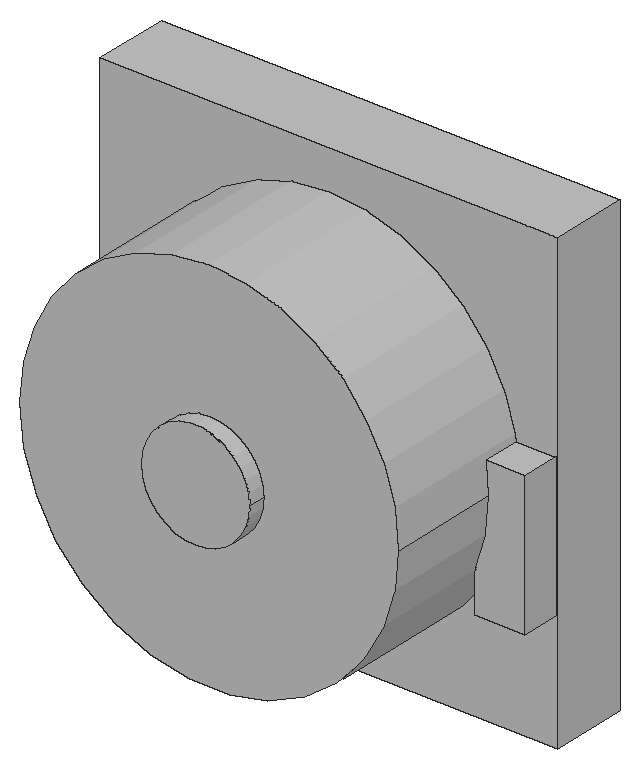
Revit family "ef-30_40b(t)sxc2_d(t)sxc2-fq_60Hz", category 機械設備, Revit 2019
Family settings
  丸型コネクタ寸法 = 直径を使用
  パーツ タイプ = 標準
  OmniClass 番号 = 23.75.35.21.17
  OmniClass タイトル = Industrial Ventilating Equipment
  作業面ベース = いいえ
  常に垂直 = はい
  ロード時にボイドで切り取り = はい
  共有 = いいえ
  部屋計算ポイント = はい
Parameters (values of type "EF-30BSXC2-FQ")
  騒音レベル(dB(A)) [instance] = 48
  風量 [instance] = 設計風量  # 0.0 m³/h
  電源種別 [instance] = ""
  電圧 = 100 V
  電動機出力 = 50 W
  電動機_種別 [instance] = ""
  運転質量 = 0.00 kg
  連動 [instance] = ""
  質量 = if(製品質量 > 運転質量, 製品質量, 運転質量) * 1.2  # 8.40 kg
  負荷分類 = 3_ファン類
  説明 = "産業用有圧換気扇 低騒音形ステンレスタイプ オールステンレス高耐食タイプ 給気専用"
  設計風量 [instance] = 0.0 m³/h
  設置方法 = "壁付"
  記号 [instance] = ""
  製造元 = "三菱電機株式会社"
  製品質量 = 7.00 kg
  製品出荷対象 = "国内"
  製品リリース年月 = "2022年6月1日"
  製品グループ = ""
  羽根径 = "∅300"
  レグ_Depth = 207.9 mm
  系統 [instance] = ""
  符号 [instance] = if(☑給気／□排気, "FS", "FE")  # "FS"
  積算_科目 = ""
  積算_拾い区分 [instance] = ""
  相 = 1
  盤記号 [instance] = ""
  盤工事区分 = ""
  発停方法 [instance] = ""
  特殊仕様 [instance] = ""
  火災停止 [instance] = ""
  消費電力 = 73 W
  法定耐用年数 = "15"
  極数 = 2
  極 = 4
  材質 [instance] = ""
  操作・制御方式 = ""
  操作・制御スイッチ = ""
  排気量 [instance] = if(☑給気／□排気, 0.0 m³/h, 設計風量)  # 0.0 m³/h
  形式 = ""
  幹線記号 [instance] = ""
  対象室 [instance] = ""
  実風量 [instance] = 0.0 m³/h
  始動方式 [instance] = "直入"
  外気量 [instance] = if(☑給気／□排気, 設計風量, 0.0 m³/h)  # 0.0 m³/h
  呼称 = "有圧扇"
  周波数 = 60 Hz
  参照している仕様書等のバージョン = ""
  分類コード = "50052503100110"
  分類グループ = ""
  価格 = 283000
  企業コード = "108420"
  付属品_防振装置 = ""
  付属品 [instance] = ""
  仕様書バージョン = "Version1.0"
  レグ_Width = 413 mm
  レグ_Height = 413 mm
  モーター径 = 99 mm
  モデル = "EF-30BSXC2-FQ"
  ボックス_Width = 46.1 mm
  ボックス_Height = 130.6 mm
  ボックス_Depth = 105.8 mm
  フレームの厚さ = 71 mm
  ファンの種類 = "軸流羽根"
  コメント [instance] = ""
  Keynote = ""
  オリフィス_Depth = 45 mm
  ☑給気／□排気 [instance] = yes
  Width = 420 mm
  Version = ""
  Uniclass2015Version = "Systems v1.9"
  Uniclass2015Title = "Propeller fans"
  Uniclass2015Code = "Pr_65_67_29_67"
  URL = "https://www.mitsubishielectric.co.jp/ldg/wink/ssl/displayProduct.do?pid=319156"
  SpecificationReference = ""
  SpecificationDescription = ""
  Revision = ""
  ProductInformation = ""
  OmniClassCode = "23-33 31 19 11 17"
  MIN風量 = 0.0 m³/h
  MID風量 = 0.0 m³/h
  MAX風量 = 1980.0 m³/h
  IfcTypeProduct = ""
  IfcProduct = ""
  IfcExportType = "TUBEAXIAL"
  IfcExportAs = "IfcFanType"
  Height = 420 mm
  オリフィス径 = 348 mm
  Depth = 224 mm
  Box_W = 162 mm
  Box_H = 108.2 mm
  Author = "三菱電機株式会社"
Types (6, lengths in mm): name | 騒音レベル(dB(A)) | 電圧 | 電動機出力 | 質量 | 製品質量 | 羽根径 | レグ_Depth | 相 | 消費電力 | 極数 | 価格 | モーター径 | モデル | ボックス_Width | ボックス_Height | ボックス_Depth | Width | URL | MAX風量 | Height | オリフィス径 | Depth | Box_W | Box_H
  EF-30BSXC2-FQ | 48 | 100 V | 50 W | 8.40 kg | 7.00 kg | "∅300" | 207.9 | 1 | 73 W | 2 | 283000 | 99 | "EF-30BSXC2-FQ" | 46.1 | 130.6 | 105.8 | 420 | "https://www.mitsubishielectric.co.jp/ldg/wink/ssl/displayProduct.do?pid=319156" | 1980.0 m³/h | 420 | 348 | 224 | 162 | 108.2
  EF-40DSXC2-FQ | 55.5 | 100 V | 200 W | 18.00 kg | 15.00 kg | "∅400" | 249.9 | 1 | 195 W | 2 | 348000 | 113 | "EF-40DSXC2-FQ" | 46.7 | 131.4 | 118.8 | 520 | "https://www.mitsubishielectric.co.jp/ldg/wink/ssl/displayProduct.do?pid=318477" | 4360.0 m³/h | 520 | 476 | 286 | 213.3 | 184.8
  EF-30BTXC2-FQ_200V | 48.5 | 200 V | 50 W | 9.00 kg | 7.50 kg | "∅300" | 207.9 | 3 | 65 W | 3 | 283000 | 99 | "EF-30BTXC2-FQ" | 46.1 | 130.6 | 105.8 | 420 | "https://www.mitsubishielectric.co.jp/ldg/wink/ssl/displayProduct.do?pid=319162" | 1980.0 m³/h | 420 | 348 | 224 | 162 | 108.2
  EF-40DTXC2-FQ_200V | 57.5 | 200 V | 200 W | 18.00 kg | 15.00 kg | "∅400" | 249.9 | 3 | 177 W | 3 | 348000 | 113 | "EF-40DTXC2-FQ" | 46.7 | 131.4 | 118.8 | 520 | "https://www.mitsubishielectric.co.jp/ldg/wink/ssl/displayProduct.do?pid=318483" | 4360.0 m³/h | 520 | 476 | 286 | 213.3 | 184.8
  EF-30BTXC2-FQ_220V | 49 | 220 V | 50 W | 9.00 kg | 7.50 kg | "∅300" | 207.9 | 3 | 71 W | 3 | 283000 | 99 | "EF-30BTXC2-FQ" | 46.1 | 130.6 | 105.8 | 420 | "https://www.mitsubishielectric.co.jp/ldg/wink/ssl/displayProduct.do?pid=319162" | 1980.0 m³/h | 420 | 348 | 224 | 162 | 108.2
  EF-40DTXC2-FQ_220V | 58 | 220 V | 200 W | 18.00 kg | 15.00 kg | "∅400" | 249.9 | 3 | 188 W | 3 | 348000 | 113 | "EF-40DTXC2-FQ" | 46.7 | 131.4 | 118.8 | 520 | "https://www.mitsubishielectric.co.jp/ldg/wink/ssl/displayProduct.do?pid=318483" | 4360.0 m³/h | 520 | 476 | 286 | 213.3 | 184.8
Reference planes
  plane 1 "中心(正面/背面)": y = 0
  plane 2: z = 0
  plane 3 "中心(左/右)": x = 0
  plane 4: z = 0
  plane 5: through (212.832, -1524, 243.759) normal (-0.6508, 0, -0.7593)
  plane 6: through (-212.884, -1524, -243.751) normal (0.6508, 0, 0.7593)
  plane 7: through (208.307, -1524, -247.63) normal (-0.6508, 0, 0.7593)
  plane 8: z = 210
  plane 9: z = -210
  plane 10 "左": x = -210
  plane 11 "右": x = 210
  plane 12 "正面": y = -224
  plane 13: y = -71
  plane 14: through (-208.307, -1524, -247.63) normal (-0.6508, 0, -0.7593)
  plane 15: y = 26
  plane 16: y = 126
  plane 17: x = -250
  plane 18: x = 250
  plane 19: y = -105.8
  plane 20: y = -207.9
  plane 21: x = 162
  plane 22: x = 208.1
  plane 23: z = 28.8
  plane 24: z = -101.8
Forms (mm)
  Extrusion 1, solid, detail levels fine
    sketch origin (0, 0, 0) x (1, 0, 0) y (0, 1, 0)
      loop
        line (-210, 0) -> (-210, -71) -> (210, -71) -> (210, 0) -> (-210, 0)
    from -210 to 210
  Extrusion 2, solid, detail levels fine
    sketch origin (140, -23.659, 0) x (-1, 0, 0) y (0, 0, -1)
      loop
        circle (140, 0) r 49.5
    from 184.241 to 200.341
  Extrusion 3, solid
    sketch origin (0, -153.783, 0) x (1, 0, 0) y (0, 0, 1)
      loop
        circle (0, 0) r 174
    from -82.783 to 54.117
  Extrusion 4, solid
    sketch origin (0, -224, 0) x (0, 0, -1) y (1, 0, 0)
      loop
        line (-28.8, 162) -> (101.8, 162) -> (101.8, 208.1) -> (-28.8, 208.1) -> (-28.8, 162)
    from -153 to -118.2
Cuts and joins
  joined: Extrusion 3, Extrusion 4
Lines and regions (mm)
  Masking region 1, detail levels coarse+medium
    outline origin (0, 0, 0) x (1, 0, 0) y (0, 1, 0)
      loop
        line (-250, -224) -> (250, -224) -> (250, 26) -> (-250, 26) -> (-250, -224)
  Masking region 2, detail levels coarse+medium
    outline origin (0, 0, 0) x (1, 0, 0) y (0, 1, 0)
      loop
        line (-174, 26) -> (174, 26) -> (174, 126) -> (-174, 126) -> (-174, 26)
  symbolic lines, detail levels coarse+medium
    curve 1: circle (174, -223.9, 0) r 115 normal (0, 0, 1)
    curve 2: circle (-174, -223.9, 0) r 115 normal (0, 0, -1)
Dimensions and locks
  level to plane 4 = 0 mm
  equal spacing: plane 8, level, plane 9
  "Depth": plane 12 "正面" to plane 1 "中心(正面/背面)"  (x2)
  "Width": plane 10 "左" to plane 11 "右"
  "Height": plane 8 to plane 9
  "フレームの厚さ": plane 13 to plane 1 "中心(正面/背面)"
  plane 12 "正面" to plane 15 to plane 16 = 250 mm locked, 100 mm locked
  locked: plane 17 to plane 18 at 500
  "レグ_Depth": plane 1 "中心(正面/背面)" to plane 20
  equal spacing: plane 10 "左", plane 3 "中心(左/右)", plane 11 "右"
  "ボックス_Width": plane 22 to plane 21
  "ボックス_Height": plane 23 to plane 24
  "Box_H": plane 24 to plane 9
  "Box_W": plane 21 to plane 3 "中心(左/右)"
  "ボックス_Depth": plane 1 "中心(正面/背面)" to plane 19
  "オリフィス径": diameter of Extrusion 3 sketch curve
  "モーター径": diameter of Extrusion 2 sketch curve
  aligned and locked: level to plane 2
  aligned and locked: Extrusion 1 to plane 8
  aligned and locked: plane 10 "左" to Extrusion 1
  aligned and locked: Extrusion 1 to plane 11 "右"
  aligned and locked: plane 9 to Extrusion 1
  aligned and locked: Extrusion 1 to plane 13
  aligned and locked: Extrusion 1 to plane 1 "中心(正面/背面)"  (x5)
  aligned and locked: plane 12 "正面" to Extrusion 2
  aligned and locked: plane 1 "中心(正面/背面)" to Extrusion 1  (x2)
  aligned and locked: plane 4 to Extrusion 2 sketch curve
  aligned and locked: plane 12 "正面" to Masking region 1 sketch curve
  aligned and locked: plane 17 to Masking region 1 sketch curve
  aligned and locked: plane 15 to Masking region 1 sketch curve
  aligned and locked: plane 18 to Masking region 1 sketch curve
  aligned and locked: Masking region 2 sketch curve to plane 15
  aligned and locked: plane 16 to Masking region 2 sketch curve
  aligned and locked: Extrusion 3 to Extrusion 1
  aligned and locked: plane 20 to Extrusion 2
  aligned and locked: Extrusion 3 to plane 20
  aligned and locked: Extrusion 4 sketch curve to plane 23
  aligned and locked: plane 21 to Extrusion 4 sketch curve
  aligned and locked: plane 24 to Extrusion 4 sketch curve
  aligned and locked: Extrusion 4 sketch curve to plane 22
  aligned and locked: plane 13 to Extrusion 4
  aligned and locked: Extrusion 4 to plane 19
Automatic sketch dimensions
  Extrusion 1 sketch curve to plane 10 "左" = 0 mm
  Extrusion 1 sketch curve to plane 11 "右" = 0 mm
  Extrusion 1 sketch curve to plane 13 = 0 mm
  plane 1 "中心(正面/背面)" to Extrusion 1 sketch curve = 0 mm
  Extrusion 3 sketch curve to level = 0 mm
  Extrusion 3 sketch curve to plane 3 "中心(左/右)" = 0 mm
  curve 2 to plane 20 = 16 mm
  curve 1 to plane 20 = 16 mm
  curve 2 to plane 10 "左" = 36 mm
  Masking region 2 sketch curve to plane 10 "左" = 36 mm
  plane 11 "右" to curve 1 = 36 mm
  plane 11 "右" to Masking region 2 sketch curve = 36 mm
  Extrusion 2 sketch curve to plane 3 "中心(左/右)" = 0 mm
  radius of curve 1 = 115 mm
  radius of curve 2 = 115 mm
Connectors
  electrical at (210, -35.5, 0), driven by "電圧", driven by "負荷分類", driven by "消費電力", driven by "極数"
    settings: on Extrusion 1, index 2, voltage 100 V, apparent load 73 VA, apparent load phase1 0 VA, apparent load phase2 0 VA, apparent load phase3 0 VA, power factor 1, load classification "3_ファン類", number of poles 2, system type 30, power factor state 1, is connector primary yes, connector utility no, sub classification motor no, connector description ""
